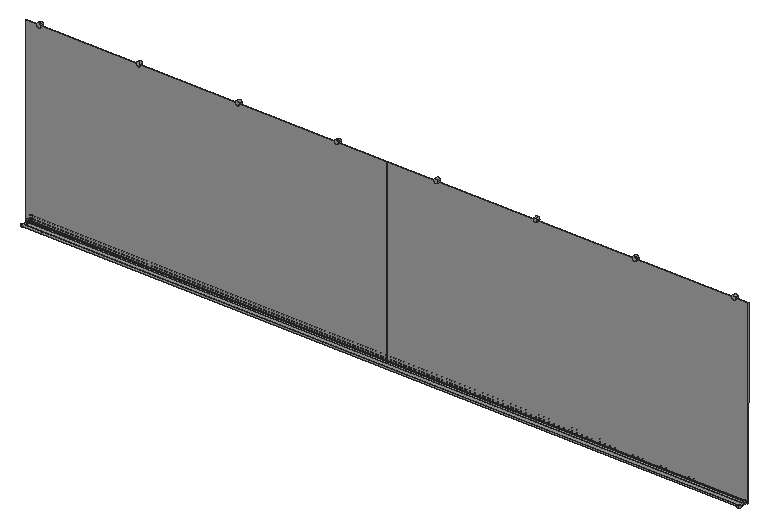
Revit family "Rapport Glass Wall 4x16", category Generic Models, Revit 2018
Family settings
  Can host rebar = No
  Round Connector Dimension = Use Diameter
  Part Type = Normal
  Work Plane-Based = No
  Always vertical = Yes
  Cut with Voids When Loaded = No
  Shared = No
  Room Calculation Point = No
Parameters
  Panel #2 = Rapport Glass Wall 4x16 Panel #2
  Panel #1 = Rapport Glass Wall 4x16 Panel #1
Reference planes (in)
  plane 1 "Center (Front/Back)": y = 0
  plane 2: z = 0
  plane 3 "Center (Left/Right)": x = 0
Forms (in)
  Extrusion 1, solid, material "Rapport Glass Wall Trim Metal"
    sketch origin (-83.06205, 0, 18) x (0, 1, 0) y (0, 0, 1)
      loop
        line (-0.28802, 12.71551) -> (-0.28802, 12.22363) -> (-0.48802, 12.22363) -> (-0.48802, 12.77363) -> (-0.60087, 12.77363)
        arc (-0.60087, 12.77363) -> (-0.62209, 12.76485) -> (-0.63087, 12.74363) r 0.03
        line (-0.63087, 12.74363) -> (-0.63087, 12.45418)
        arc (-0.63087, 12.45418) -> (-0.67788, 12.32564) -> (-0.79672, 12.25776) r 0.19924
        arc (-0.79672, 12.25776) -> (-0.86084, 12.24904) -> (-0.92548, 12.24613) r 0.7187
        line (-0.92548, 12.24613) -> (-1.97548, 12.24613)
        arc (-1.97548, 12.24613) -> (-2.26159, 12.30205) -> (-2.50559, 12.4616) r 0.75985
        arc (-2.50559, 12.4616) -> (-2.80704, 12.55283) -> (-2.79142, 12.23827) r 0.19261
        arc (-2.79142, 12.23827) -> (-2.48945, 12.06146) -> (-2.14496, 12) r 0.99607
        line (-2.14496, 12) -> (0, 12) -> (0, 12.30193)
        arc (0, 12.30193) -> (-0.0275, 12.32943) -> (-0.055, 12.30193) r 0.0275
        line (-0.055, 12.30193) -> (-0.055, 12.20843) -> (-0.20802, 12.20843) -> (-0.20802, 12.69439) -> (-0.0848, 12.81762)
        arc (-0.0848, 12.81762) -> (-0.06815, 12.82253) -> (-0.055, 12.81121) r 0.01814
        line (-0.055, 12.81121) -> (-0.055, 12.65693)
        arc (-0.055, 12.65693) -> (-0.0275, 12.62943) -> (0, 12.65693) r 0.0275
        line (0, 12.65693) -> (0, 13.70847)
        arc (0, 13.70847) -> (-0.03996, 13.74843) -> (-0.07993, 13.70847) r 0.03996
        line (-0.07993, 13.70847) -> (-0.07993, 13.62094)
        arc (-0.07993, 13.62094) -> (-0.07047, 13.60109) -> (-0.05, 13.59302) r 0.03
        line (-0.05, 13.59302) -> (-0.05, 13.15338)
        arc (-0.05, 13.15338) -> (-0.07121, 13.14459) -> (-0.08, 13.12338) r 0.03
        line (-0.08, 13.12338) -> (-0.08, 12.92353) -> (-0.28802, 12.71551)
    from -11.31295 to 177.43705
  Extrusion 2, solid, material "Rapport Glass Wall 4x16 Panel #1" <- "Panel #1"
    sketch origin (-83.06205, 0, -5.35978) x (0, 1, 0) y (0, 0, 1)
      loop
        line (-0.48802, 35.58341) -> (-0.28802, 35.58341) -> (-0.28802, 82.8275) -> (-0.48802, 82.8275) -> (-0.48802, 35.58341)
    from -11.81795 to 83.06205
  Extrusion 3, solid, material "Rapport Glass Wall Trim Black"
    sketch origin (-48.18473, 0, 18) x (0, 1, 0) y (0, 0, -1)
      loop
        line (-0.48802, -12.80488) -> (-0.48802, -11.96875) -> (-2.14496, -11.96875)
        arc (-2.14496, -11.96875) -> (-2.49924, -12.03177) -> (-2.81005, -12.2131) r 1.02732
        arc (-2.81005, -12.2131) -> (-2.82851, -12.57569) -> (-2.47857, -12.47895) r 0.22386
        arc (-2.47857, -12.47895) -> (-2.24646, -12.32965) -> (-1.97548, -12.27738) r 0.7286
        line (-1.97548, -12.27738) -> (-0.92548, -12.27738)
        arc (-0.92548, -12.27738) -> (-0.86355, -12.28017) -> (-0.80213, -12.28853) r 0.68745
        arc (-0.80213, -12.28853) -> (-0.70181, -12.34573) -> (-0.66212, -12.45418) r 0.16799
        line (-0.66212, -12.45418) -> (-0.66212, -12.74363)
        arc (-0.66212, -12.74363) -> (-0.64418, -12.78694) -> (-0.60087, -12.80488) r 0.06125
        line (-0.60087, -12.80488) -> (-0.48802, -12.80488)
    from 45.75863 to 46.29027
  Extrusion 4, solid, material "Rapport Glass Wall Trim Metal"
    sketch origin (-59.44, 0, 0) x (1, 0, 0) y (0, 0, 1)
      loop
        circle (-31.93088, 77.61709) r 0.53038
    from 0 to 0.61802
  Extrusion 5, solid, material "Rapport Glass Wall Trim Black"
    sketch origin (48.18473, 0, 18) x (0, 1, 0) y (0, 0, 1)
      loop
        line (-0.48802, 12.80488) -> (-0.60087, 12.80488)
        arc (-0.60087, 12.80488) -> (-0.64418, 12.78694) -> (-0.66212, 12.74363) r 0.06125
        line (-0.66212, 12.74363) -> (-0.66212, 12.45418)
        arc (-0.66212, 12.45418) -> (-0.70181, 12.34573) -> (-0.80213, 12.28853) r 0.16799
        arc (-0.80213, 12.28853) -> (-0.86355, 12.28017) -> (-0.92548, 12.27738) r 0.68745
        line (-0.92548, 12.27738) -> (-1.97548, 12.27738)
        arc (-1.97548, 12.27738) -> (-2.24646, 12.32965) -> (-2.47857, 12.47895) r 0.7286
        arc (-2.47857, 12.47895) -> (-2.82851, 12.57569) -> (-2.81005, 12.2131) r 0.22386
        arc (-2.81005, 12.2131) -> (-2.49924, 12.03177) -> (-2.14496, 11.96875) r 1.02732
        line (-2.14496, 11.96875) -> (-0.48802, 11.96875) -> (-0.48802, 12.80488)
    from 45.75863 to 46.29027
  Extrusion 6, solid, material "Rapport Glass Wall 4x16 Panel #2" <- "Panel #2"
    sketch origin (83.06205, 0, -5.35978) x (0, 1, 0) y (0, 0, -1)
      loop
        line (-0.48802, -35.58341) -> (-0.48802, -82.8275) -> (-0.28802, -82.8275) -> (-0.28802, -35.58341) -> (-0.48802, -35.58341)
    from -11.81795 to 83.06205
  Extrusion 7, solid, material "Rapport Glass Wall Trim Metal"
    sketch origin (123.30176, 0, 0) x (1, 0, 0) y (0, 0, 1)
      loop
        circle (-31.93088, 77.61709) r 0.53038
    from 0 to 0.61802
  Extrusion 8, solid, material "Rapport Glass Wall Trim Metal"
    sketch origin (-33.33403, 0, 0) x (1, 0, 0) y (0, 0, 1)
      loop
        circle (-31.93088, 77.61709) r 0.53038
    from 0 to 0.61802
  Extrusion 9, solid, material "Rapport Glass Wall Trim Metal"
    sketch origin (-7.22807, 0, 0) x (1, 0, 0) y (0, 0, 1)
      loop
        circle (-31.93088, 77.61709) r 0.53038
    from 0 to 0.61802
  Extrusion 10, solid, material "Rapport Glass Wall Trim Metal"
    sketch origin (18.8779, 0, 0) x (1, 0, 0) y (0, 0, 1)
      loop
        circle (-31.93088, 77.61709) r 0.53038
    from 0 to 0.61802
  Extrusion 11, solid, material "Rapport Glass Wall Trim Metal"
    sketch origin (44.98386, 0, 0) x (1, 0, 0) y (0, 0, 1)
      loop
        circle (-31.93088, 77.61709) r 0.53038
    from 0 to 0.61802
  Extrusion 12, solid, material "Rapport Glass Wall Trim Metal"
    sketch origin (71.08983, 0, 0) x (1, 0, 0) y (0, 0, 1)
      loop
        circle (-31.93088, 77.61709) r 0.53038
    from 0 to 0.61802
  Extrusion 13, solid, material "Rapport Glass Wall Trim Metal"
    sketch origin (97.1958, 0, 0) x (1, 0, 0) y (0, 0, 1)
      loop
        circle (-31.93088, 77.61709) r 0.53038
    from 0 to 0.61802
Dimensions and locks (in)
  equal spacing: group 1, group 3, group 4, group 5, group 6, group 7, group 8, group 2  (x3)
  aligned and locked: plane 2 to level
